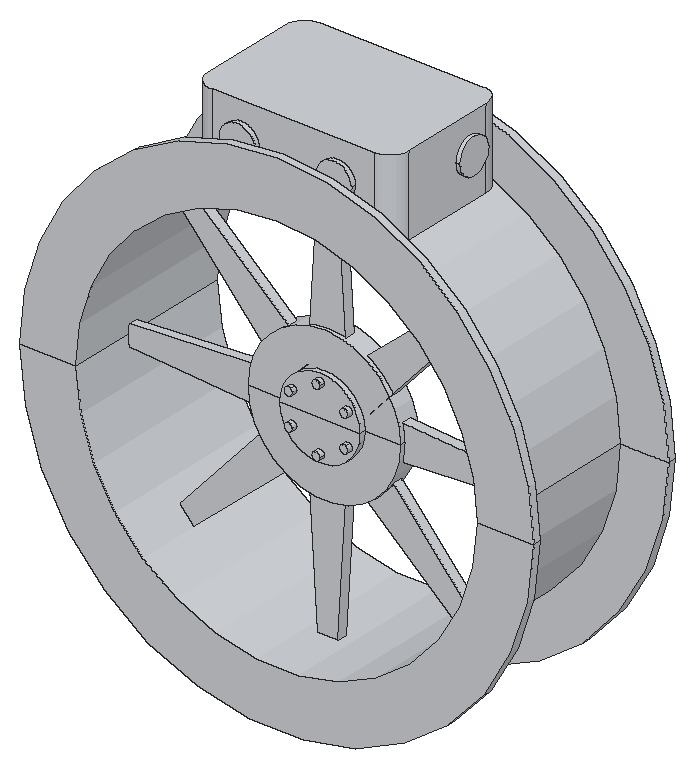
Revit family "CADS_Vent-Axia_MechEquip_Fan_ESC_3Ph2P - EXTRACT", category Mechanical Equipment, Revit 2020
Family settings
  Round Connector Dimension = Use Diameter
  Part Type = Normal
  OmniClass Number = 23.75.00.00
  OmniClass Title = Climate Control (HVAC)
  Work Plane-Based = No
  Always vertical = Yes
  Cut with Voids When Loaded = No
  Shared = No
  Room Calculation Point = No
Parameters (values of type "ESC25032")
  WorkingPressure = 0.0 Pa
  WarrantyStartDate [instance] = "1900-12-31T23:59:59"
  WarrantyPeriod = ""
  WarrantyIdentifier = "N/A"
  WarrantyGuarantorParts = "tech@vent-axia.com"
  WarrantyGuarantorLabor = "tech@vent-axia.com"
  WarrantyGuarantor = "Vent-Axia Limited"
  WarrantyEndDate [instance] = "1900-12-31T23:59:59"
  WarrantyContent = ""
  TemperatureRange = ""
  TagNumber [instance] = "N/A"
  SustainabilityPerformance = ""
  Status = "New"
  Size = ""
  Shape = ""
  ServiceLifeType = ""
  ServiceLifeDuration = ""
  SerialNumber [instance] = "N/A"
  ReplacementCost = ""
  RatedVoltage = 0 V
  RatedCurrent = 0 A
  Quantity = 1
  ProductionYear = ""
  PressureCurve = ""
  PowerFactor = ""
  PointOfContact = ""
  NumberOfPoles = 0
  NominalWidth = 250 mm
  NominalLength = 110 mm
  NominalHeight = 250 mm
  NominalFrequencyRange = ""
  NominalDiameter = 250 mm
  ModelReference = "SHORT CASED AXIAL FAN 250DIA 3PH 2 POLE"
  ModelNumber = "ESC25032"
  Material = ""
  ManufacturerE-Mail = "tech@vent-axia.com"
  ManufacturerAddress = "Fleming Way\nCrawley \nRH10 9YX"
  IsExtendedWarranty = no
  InsulationStandardClass = ""
  InstallationDate [instance] = "1900-12-31T23:59:59"
  IfcExportType [instance] = ""
  IfcExportAs = "IfcFanType"
  IP_Code = ""
  HasProtectiveEarth = no
  GrossWeight = 0.00 kg
  Grade = ""
  GlobalTradeItemNumber [instance] = "N/A"
  Fitting Type = "Ignore"
  Finish = ""
  Features = ""
  ExteriorInsulation = no
  ExpectedServiceLife = 0
  Exclusions = ""
  DurationUnit = "Year"
  Default Elevation = 0 mm
  Constituents = ""
  ConductorFunction = ""
  Color = ""
  CodePerformance = ""
  Category = ""
  CADS_Usage = 0
  CADS_Index = 0
  AssetType = "FIXED"
  AssetIdentifier [instance] = "N/A"
  AssemblyPlace = "UNKNOWN"
  ArticleNumber [instance] = "N/A"
  AirflowRateRange = 0.0 L/s
  Air Flow [instance] = 0.0 L/s
  AccessibilityPerformance = ""
Types (3, lengths in mm): name | NominalWidth | NominalLength | NominalHeight | NominalDiameter | ModelReference | ModelNumber
  ESC25032 | 250 | 110 | 250 | 250 | "SHORT CASED AXIAL FAN 250DIA 3PH 2 POLE" | "ESC25032"
  ESC31532 | 315 | 135 | 315 | 315 | "SHORT CASED AXIAL FAN 315DIA 3PH 2 POLE" | "ESC31532"
  ESC35532 | 355 | 135 | 355 | 355 | "SHORT CASED AXIAL FAN 355DIA 3PH 2 POLE" | "ESC35532"
Reference planes
  plane 1 "Center (Front/Back)": y = 0
  plane 2: z = 0
  plane 3 "Center (Left/Right)": x = 0
  plane 4: x = -125
  plane 5: x = 125
  plane 6 "F": y = -55
  plane 7 "B": y = 55
  plane 8: x = -160
  plane 9: y = 50
  plane 10: y = -50
  plane 11: x = -130
  plane 12: y = -15
  plane 13 "top": z = 125
  plane 14: z = -125
Forms (mm)
  Revolve 1, solid
    sketch origin (0, 0, 0) x (1, 0, 0) y (0, 1, 0)
      loop
        line (-160, -55) -> (-125, -55) -> (-125, 55) -> (-160, 55) -> (-160, 50) -> (-130, 50) -> (-130, -50) -> (-160, -50) -> (-160, -55)
      axis (0, 55) -> (0, -55)
    angle from 0 to 360
Dimensions and locks
  equal spacing: plane 4, plane 3 "Center (Left/Right)", plane 5
  equal spacing: plane 7 "B", plane 1 "Center (Front/Back)", plane 6 "F"
  "NominalLength": plane 7 "B" to plane 6 "F"
  "NominalDiameter": plane 4 to plane 5
  locked: plane 11 to plane 4 at 5
  locked: plane 8 to plane 11 at 30
  locked: plane 6 "F" to plane 10 at 5
  locked: plane 7 "B" to plane 9 at 5
  locked: plane 6 "F" to plane 12 at 40
  equal spacing: plane 13 "top", level, plane 14
  "NominalDiameter": plane 13 "top" to plane 14
  aligned and locked: level to plane 2
  aligned and locked: nested 1 to plane 12
  aligned and locked: plane 1 "Center (Front/Back)" to nested 16
  aligned and locked: plane 3 "Center (Left/Right)" to nested 16
Automatic sketch dimensions
  plane 6 "F" to Revolve 1 sketch curve = 0 mm
  Revolve 1 sketch curve to plane 8 = 0 mm  (x2)
  plane 10 to Revolve 1 sketch curve = 0 mm
  Revolve 1 sketch curve to plane 11 = 0 mm
  Revolve 1 sketch curve to plane 4 = 0 mm
  Revolve 1 sketch curve to plane 3 "Center (Left/Right)" = 0 mm
  plane 1 "Center (Front/Back)" to Revolve 1 sketch curve = 0 mm
  Revolve 1 sketch curve to plane 9 = 0 mm
  Revolve 1 sketch curve to plane 7 "B" = 0 mm
  plane 6 "F" to Revolve 1 sketch curve = 115 mm
Nested families
  nested 1: "Fan for ESC" at (0, -15, 0), ND <- "NominalDiameter", type "Fan for ESC"
    with hub 25 mm, ND 250 mm, BoltPCD 20 mm, Bolt Count 6, B_Diam 5 mm
  nested 2: "Bolts" at (17.321, -24.172, -10) x (-0.5, 0, -0.866) z (0, 1, 0), type "Bolts"
    with bd 5 mm
  nested 3: "Bolts" at (0, -24.172, -20) x (-1, 0, 0) z (0, 1, 0), type "Bolts"
    with bd 5 mm
  nested 4: "Bolts" at (-17.321, -24.172, -10) x (-0.5, 0, 0.866) z (0, 1, 0), type "Bolts"
    with bd 5 mm
  nested 5: "Bolts" at (-17.321, -24.172, 10) x (0.5, 0, 0.866) z (0, 1, 0), type "Bolts"
    with bd 5 mm
  nested 6: "Bolts" at (17.321, -24.172, 10) x (0.5, 0, -0.866) z (0, 1, 0), type "Bolts"
    with bd 5 mm
  nested 7: "Bolts" at (0, -24.172, 20) x (1, 0, 0) z (0, 1, 0), type "Bolts"
    with bd 5 mm
  nested 8: "ESC Blade" at (0, -15, 0), type "ESC Blade"
    with a 20.00°, HR 25 mm, HD 50 mm, BT 12.5 mm, BR 100 mm, BH 40 mm, BD 250 mm, BB 25 mm
  nested 9: "ESC Blade" at (0, -15, 0) x (0.7071, 0, -0.7071) z (0.7071, 0, 0.7071), type "ESC Blade"
    with a 20.00°, HR 25 mm, HD 50 mm, BT 12.5 mm, BR 100 mm, BH 40 mm, BD 250 mm, BB 25 mm
  nested 10: "ESC Blade" at (0, -15, 0) x (0, 0, -1) z (1, 0, 0), type "ESC Blade"
    with a 20.00°, HR 25 mm, HD 50 mm, BT 12.5 mm, BR 100 mm, BH 40 mm, BD 250 mm, BB 25 mm
  nested 11: "ESC Blade" at (0, -15, 0) x (-0.7071, 0, -0.7071) z (0.7071, 0, -0.7071), type "ESC Blade"
    with a 20.00°, HR 25 mm, HD 50 mm, BT 12.5 mm, BR 100 mm, BH 40 mm, BD 250 mm, BB 25 mm
  nested 12: "ESC Blade" at (0, -15, 0) x (-1, 0, 0) z (0, 0, -1), type "ESC Blade"
    with a 20.00°, HR 25 mm, HD 50 mm, BT 12.5 mm, BR 100 mm, BH 40 mm, BD 250 mm, BB 25 mm
  nested 13: "ESC Blade" at (0, -15, 0) x (-0.7071, 0, -0.7071) z (-0.7071, 0, 0.7071), type "ESC Blade"
    with a 20.00°, HR 25 mm, HD 50 mm, BT 12.5 mm, BR 100 mm, BH 40 mm, BD 250 mm, BB 25 mm
  nested 14: "ESC Blade" at (0, -15, 0) x (0, 0, -1) z (-1, 0, 0), type "ESC Blade"
    with a 20.00°, HR 25 mm, HD 50 mm, BT 12.5 mm, BR 100 mm, BH 40 mm, BD 250 mm, BB 25 mm
  nested 15: "ESC Blade" at (0, -15, 0) x (0.7071, 0, -0.7071) z (-0.7071, 0, -0.7071), type "ESC Blade"
    with a 20.00°, HR 25 mm, HD 50 mm, BT 12.5 mm, BR 100 mm, BH 40 mm, BD 250 mm, BB 25 mm
  nested 16: "Electrical Connection Box" at (0, 0, 125), type "125x84"
Connectors
  hvac at (0, -55, 0), driven by "NominalDiameter", driven by "Air Flow"
    settings: on Revolve 1, index 1, duct flow 0.0 L/s, flow factor 0, pres drop 0.0 Pa, loss coef 0, conn angle 0.00°, conn width 304.8 mm, conn height 304.8 mm, conn diameter 250 mm, duct sys type 2, conn prof type 0, flow config 1, flow direction 1, loss method 0, conn ref index -1, conn util no, is conn primary yes, conn desc ""
  hvac at (0, 55, 0), driven by "NominalDiameter", driven by "Air Flow"
    settings: on Revolve 1, index 2, duct flow 0.0 L/s, flow factor 0, pres drop 0.0 Pa, loss coef 0, conn angle 0.00°, conn width 304.8 mm, conn height 304.8 mm, conn diameter 250 mm, duct sys type 3, conn prof type 0, flow config 0, flow direction 2, loss method 0, conn ref index -1, conn util no, is conn primary no, conn desc ""
Definition of nested family "Fan for ESC"
  Parameters (values of type "Fan for ESC")
    hub [instance] = ND / 10  # 56.7 mm
    ND [instance] = 567 mm
    Model = "."
    Default Elevation = 0 mm
    BoltPCD [instance] = hub - (hub * 0.2)  # 45.36 mm
    Bolt Count [instance] = if(hub < 50 mm, 6, 8)  # 8
    B_Diam [instance] = if(hub < 50 mm, 5 mm, 10 mm)  # 10 mm
  Reference planes
    plane 1 "Center (Front/Back)": y = 0
    plane 2: z = 0
    plane 3 "Center (Left/Right)": x = 0
    plane 4 "back": y = 20
    plane 5 "bolts": y = -9.172
    plane 6 "B": z = 56.7
    plane 7: x = -79.287
    plane 8: x = -56.7
    plane 9 "hubface": y = -6.172
  Forms (mm)
    Revolve 1, solid
      sketch origin (0, 0, 0) x (1, 0, 0) y (0, 1, 0)
        loop
          line (0, 20) -> (-56.7, 20) -> (-56.7, 10.504) -> (-79.287, 10.504) -> (-79.287, -2.597) -> (-56.7, -2.597) -> (-56.7, -6.172) -> (0, -6.172) -> (0, 20)
        axis (0, 20) -> (0, -6.172)
      angle from 0 to 360
    Extrusion 2, solid, not visible
      sketch origin (0, -6.347, -4) x (-1, 0, 0) y (0, 0, 1)
        loop
          circle (0, 84) r 5
      from 0 to 3
  Lines and regions (mm)
    symbolic lines
      curve 1: circle (0, -9.172, 0) r 45.36 normal (0, 1, 0)
    model lines, not visible
      curve 2: line (0, -6.347, 85) -> (0, -6.347, 75)
  Dimensions and locks
    "hub": plane 6 "B" to plane 2
    "hub": nested 3 to plane 3 "Center (Left/Right)"
    "hub": nested 4 to plane 3 "Center (Left/Right)"
    "hub": nested 5 to plane 3 "Center (Left/Right)"
    "hub": plane 3 "Center (Left/Right)" to nested 6
    "hub": Revolve 1 sketch curve to Revolve 1 sketch curve
    "hub": plane 3 "Center (Left/Right)" to nested 7
    "hub": plane 3 "Center (Left/Right)" to nested 8
    "hub": plane 3 "Center (Left/Right)" to nested 9
    "hub": plane 8 to plane 3 "Center (Left/Right)"
    plane 7 to plane 8 = 22.587 mm
    diameter of Extrusion 2 sketch curve = 10 mm
    "BoltPCD": radius of curve 1
    "BoltPCD": radius of radial array
    aligned and locked: level to plane 2
    aligned and locked: plane 6 "B" to nested 1
  Automatic sketch dimensions
    Revolve 1 sketch curve to plane 7 = 0 mm
    Revolve 1 sketch curve to plane 8 = 0 mm  (x2)
    Revolve 1 sketch curve to plane 3 "Center (Left/Right)" = 0 mm
    Revolve 1 sketch curve to plane 9 "hubface" = 0 mm
    plane 4 "back" to Revolve 1 sketch curve = 0 mm
    plane 1 "Center (Front/Back)" to Revolve 1 sketch curve = 2.597 mm
    plane 4 "back" to Revolve 1 sketch curve = 9.496 mm
    Revolve 1 sketch curve to Revolve 1 sketch curve = 5 mm
    Revolve 1 sketch curve to plane 4 "back" = 45 mm
    curve 1 to level = 0 mm
    curve 1 to plane 3 "Center (Left/Right)" = 0 mm
  Nested families
    nested 1: "ESC Blade" at (0, 0, 0), BD <- "ND", HD <- "hub", type "ESC Blade"
      with a 20.00°, HR 56.7 mm, HD 113.4 mm, BT 28.35 mm, BR 226.8 mm, BH 40 mm, BD 567 mm, BB 56.7 mm
    nested 2: "ESC Blade" at (0, 0, 755), BD <- "ND", HD <- "hub", type "ESC Blade", not visible
      with a 20.00°, HR 56.7 mm, HD 113.4 mm, BT 28.35 mm, BR 226.8 mm, BH 40 mm, BD 567 mm, BB 56.7 mm
    nested 3: "ESC Blade" at (0, 0, 0) x (0.7071, 0, -0.7071) z (0.7071, 0, 0.7071), BD <- "ND", HD <- "hub", type "ESC Blade"
      with a 20.00°, HR 56.7 mm, HD 113.4 mm, BT 28.35 mm, BR 226.8 mm, BH 40 mm, BD 567 mm, BB 56.7 mm
    nested 4: "ESC Blade" at (0, 0, 0) x (0, 0, -1) z (1, 0, 0), BD <- "ND", HD <- "hub", type "ESC Blade"
      with a 20.00°, HR 56.7 mm, HD 113.4 mm, BT 28.35 mm, BR 226.8 mm, BH 40 mm, BD 567 mm, BB 56.7 mm
    nested 5: "ESC Blade" at (0, 0, 0) x (-0.7071, 0, -0.7071) z (0.7071, 0, -0.7071), BD <- "ND", HD <- "hub", type "ESC Blade"
      with a 20.00°, HR 56.7 mm, HD 113.4 mm, BT 28.35 mm, BR 226.8 mm, BH 40 mm, BD 567 mm, BB 56.7 mm
    nested 6: "ESC Blade" at (0, 0, 0) x (-1, 0, 0) z (0, 0, -1), BD <- "ND", HD <- "hub", type "ESC Blade"
      with a 20.00°, HR 56.7 mm, HD 113.4 mm, BT 28.35 mm, BR 226.8 mm, BH 40 mm, BD 567 mm, BB 56.7 mm
    nested 7: "ESC Blade" at (0, 0, 0) x (-0.7071, 0, -0.7071) z (-0.7071, 0, 0.7071), BD <- "ND", HD <- "hub", type "ESC Blade"
      with a 20.00°, HR 56.7 mm, HD 113.4 mm, BT 28.35 mm, BR 226.8 mm, BH 40 mm, BD 567 mm, BB 56.7 mm
    nested 8: "ESC Blade" at (0, 0, 0) x (0, 0, -1) z (-1, 0, 0), BD <- "ND", HD <- "hub", type "ESC Blade"
      with a 20.00°, HR 56.7 mm, HD 113.4 mm, BT 28.35 mm, BR 226.8 mm, BH 40 mm, BD 567 mm, BB 56.7 mm
    nested 9: "ESC Blade" at (0, 0, 0) x (0.7071, 0, -0.7071) z (-0.7071, 0, -0.7071), BD <- "ND", HD <- "hub", type "ESC Blade"
      with a 20.00°, HR 56.7 mm, HD 113.4 mm, BT 28.35 mm, BR 226.8 mm, BH 40 mm, BD 567 mm, BB 56.7 mm
    nested 10: "Bolts" at (0, -9.172, 45.36) x (1, 0, 0) z (0, 1, 0), bd <- "B_Diam", type "Bolts"
      with bd 10 mm
    nested 11: "Bolts" at (32.074, -9.172, 32.074) x (0.7071, 0, -0.7071) z (0, 1, 0), bd <- "B_Diam", type "Bolts"
      with bd 10 mm
    nested 12: "Bolts" at (-32.074, -9.172, 32.074) x (0.7071, 0, 0.7071) z (0, 1, 0), bd <- "B_Diam", type "Bolts"
      with bd 10 mm
    nested 13: "Bolts" at (-45.36, -9.172, 0) x (0, 0, 1) z (0, 1, 0), bd <- "B_Diam", type "Bolts"
      with bd 10 mm
    nested 14: "Bolts" at (-32.074, -9.172, -32.074) x (-0.7071, 0, 0.7071) z (0, 1, 0), bd <- "B_Diam", type "Bolts"
      with bd 10 mm
    nested 15: "Bolts" at (0, -9.172, -45.36) x (-1, 0, 0) z (0, 1, 0), bd <- "B_Diam", type "Bolts"
      with bd 10 mm
    nested 16: "Bolts" at (32.074, -9.172, -32.074) x (-0.7071, 0, -0.7071) z (0, 1, 0), bd <- "B_Diam", type "Bolts"
      with bd 10 mm
    nested 17: "Bolts" at (45.36, -9.172, 0) x (0, 0, -1) z (0, 1, 0), bd <- "B_Diam", type "Bolts"
      with bd 10 mm
  Definition of nested family "ESC Blade"
    Parameters (values of type "ESC Blade")
      a [instance] = 20.00°
      HR [instance] = HD / 2  # 30 mm
      HD [instance] = BD / 5  # 60 mm
      Default Elevation = 1219.2 mm
      BT [instance] = BD / 20  # 15 mm
      BR [instance] = (BD / 2) - HR  # 120 mm
      BH [instance] = 40 mm
      BD [instance] = 300 mm
      BB [instance] = BD / 10  # 30 mm
    Reference planes
      plane 1 "Center (Front/Back)": y = 0
      plane 2: z = 0
      plane 3 "Center (Left/Right)": x = 0
      plane 4 "Blade Bot": z = 30
      plane 5: x = -15
      plane 6: x = 15
      plane 7: x = -7.5
      plane 8: x = 7.5
    Forms (mm)
      Blend 1, solid
        base sketch origin (0, 0, 30) x (-1, 0, 0) y (0, -1, 0)
          loop
            line (15, 0) -> (-15, 0) -> (-15, -6) -> (15, -6) -> (15, 0)
        top sketch origin (0, 0, 30) x (-1, 0, 0) y (0, -1, 0)
          loop
            line (7.5, -6) -> (7.5, 0) -> (-7.5, 0) -> (-7.5, -6) -> (7.5, -6)
        from 0 to 120 <- "BR"
    Dimensions and locks
      "HR": plane 4 "Blade Bot" to level
      equal spacing: plane 8, plane 3 "Center (Left/Right)", plane 7
      "BT": plane 8 to plane 7
      equal spacing: plane 6, plane 3 "Center (Left/Right)", plane 5
      "BB": plane 6 to plane 5
      aligned and locked: level to plane 2
    Automatic sketch dimensions
      plane 1 "Center (Front/Back)" to Blend 1 sketch curve = 0 mm  (x2)
      Blend 1 sketch curve to plane 6 = 0 mm
      Blend 1 sketch curve to plane 5 = 0 mm
      Blend 1 sketch curve to plane 1 "Center (Front/Back)" = 6 mm  (x2)
      Blend 1 sketch curve to plane 8 = 0 mm
      Blend 1 sketch curve to plane 7 = 0 mm
  Definition of nested family "Bolts"
    Parameters
      bd [instance] = 10 mm
      Default Elevation = 1219.2 mm
    Reference planes
      plane 1 "Center (Front/Back)": y = 0
      plane 2: z = 0
      plane 3 "Center (Left/Right)": x = 0
    Forms (mm)
      Extrusion 1, solid
        sketch origin (0, 0, 0) x (1, 0, 0) y (0, 1, 0)
          loop
            line (-1219.2, 1219.2) -> (-1219.2, -1219.2) -> (1219.2, -1219.2) -> (1219.2, 1219.2) -> (-1219.2, 1219.2)
        from 0 to -304.8
      Extrusion 2, solid
        sketch origin (0, 0, 0) x (1, 0, 0) y (0, 1, 0)
          loop
            circle (0, 0) r 5
        from 0 to 3
    Dimensions and locks
      "bd": diameter of Extrusion 2 sketch curve
      aligned and locked: plane 2 to Extrusion 1
      aligned and locked: level to Extrusion 1
    Automatic sketch dimensions
      Extrusion 1 sketch curve to Extrusion 1 sketch curve = 2438.4 mm  (x2)
      plane 1 "Center (Front/Back)" to Extrusion 2 sketch curve = 0 mm
      Extrusion 2 sketch curve to plane 3 "Center (Left/Right)" = 0 mm
Definition of nested family "Bolts"
  Parameters
    bd [instance] = 10 mm
    Default Elevation = 1219.2 mm
  Reference planes
    plane 1 "Center (Front/Back)": y = 0
    plane 2: z = 0
    plane 3 "Center (Left/Right)": x = 0
  Forms (mm)
    Extrusion 1, solid
      sketch origin (0, 0, 0) x (1, 0, 0) y (0, 1, 0)
        loop
          line (-1219.2, 1219.2) -> (-1219.2, -1219.2) -> (1219.2, -1219.2) -> (1219.2, 1219.2) -> (-1219.2, 1219.2)
      from 0 to -304.8
    Extrusion 2, solid
      sketch origin (0, 0, 0) x (1, 0, 0) y (0, 1, 0)
        loop
          circle (0, 0) r 5
      from 0 to 3
  Dimensions and locks
    "bd": diameter of Extrusion 2 sketch curve
    aligned and locked: plane 2 to Extrusion 1
    aligned and locked: level to Extrusion 1
  Automatic sketch dimensions
    Extrusion 1 sketch curve to Extrusion 1 sketch curve = 2438.4 mm  (x2)
    plane 1 "Center (Front/Back)" to Extrusion 2 sketch curve = 0 mm
    Extrusion 2 sketch curve to plane 3 "Center (Left/Right)" = 0 mm
Definition of nested family "ESC Blade"
  Parameters (values of type "ESC Blade")
    a [instance] = 20.00°
    HR [instance] = HD / 2  # 30 mm
    HD [instance] = BD / 5  # 60 mm
    Default Elevation = 1219.2 mm
    BT [instance] = BD / 20  # 15 mm
    BR [instance] = (BD / 2) - HR  # 120 mm
    BH [instance] = 40 mm
    BD [instance] = 300 mm
    BB [instance] = BD / 10  # 30 mm
  Reference planes
    plane 1 "Center (Front/Back)": y = 0
    plane 2: z = 0
    plane 3 "Center (Left/Right)": x = 0
    plane 4 "Blade Bot": z = 30
    plane 5: x = -15
    plane 6: x = 15
    plane 7: x = -7.5
    plane 8: x = 7.5
  Forms (mm)
    Blend 1, solid
      base sketch origin (0, 0, 30) x (-1, 0, 0) y (0, -1, 0)
        loop
          line (15, 0) -> (-15, 0) -> (-15, -6) -> (15, -6) -> (15, 0)
      top sketch origin (0, 0, 30) x (-1, 0, 0) y (0, -1, 0)
        loop
          line (7.5, -6) -> (7.5, 0) -> (-7.5, 0) -> (-7.5, -6) -> (7.5, -6)
      from 0 to 120 <- "BR"
  Dimensions and locks
    "HR": plane 4 "Blade Bot" to level
    equal spacing: plane 8, plane 3 "Center (Left/Right)", plane 7
    "BT": plane 8 to plane 7
    equal spacing: plane 6, plane 3 "Center (Left/Right)", plane 5
    "BB": plane 6 to plane 5
    aligned and locked: level to plane 2
  Automatic sketch dimensions
    plane 1 "Center (Front/Back)" to Blend 1 sketch curve = 0 mm  (x2)
    Blend 1 sketch curve to plane 6 = 0 mm
    Blend 1 sketch curve to plane 5 = 0 mm
    Blend 1 sketch curve to plane 1 "Center (Front/Back)" = 6 mm  (x2)
    Blend 1 sketch curve to plane 8 = 0 mm
    Blend 1 sketch curve to plane 7 = 0 mm
Definition of nested family "Electrical Connection Box"
  Parameters (values of type "125x84")
    w = 125 mm
    vis grommets = yes
    h = 50 mm
    d = 84 mm
    Default Elevation = 1219.2 mm
  Types (4, lengths in mm): name | w | vis grommets | h | d
    125x84 | 125 | yes | 50 | 84
    165x135 | 165 | no | 50 | 135
    Electrical Connection Box 2 | 165 | no | 0 | 135
    Electrical Connection Box | 125 | no | 0 | 84
  Reference planes
    plane 1 "Center (Front/Back)": y = 0
    plane 2: z = 0
    plane 3 "Center (Left/Right)": x = 0
    plane 4: y = 42
    plane 5: x = 62.5
    plane 6: x = -62.5
    plane 7: y = -42
  Forms (mm)
    Extrusion 1, solid
      sketch origin (0, 0, 0) x (1, 0, 0) y (0, 1, 0)
        loop
          line (-1219.2, 1219.2) -> (-1219.2, -1219.2) -> (1219.2, -1219.2) -> (1219.2, 1219.2) -> (-1219.2, 1219.2)
      from 0 to -304.8
    Extrusion 2, solid
      sketch origin (-62.5, -42, 0) x (1, 0, 0) y (0, 1, 0)
        loop
          arc (12, 84) -> (3.515, 80.485) -> (0, 72) r 12
          line (0, 72) -> (0, 12)
          arc (0, 12) -> (3.515, 3.515) -> (12, 0) r 12
          line (12, 0) -> (113, 0)
          arc (113, 0) -> (121.485, 3.515) -> (125, 12) r 12
          line (125, 12) -> (125, 72)
          arc (125, 72) -> (121.485, 80.485) -> (113, 84) r 12
          line (113, 84) -> (12, 84)
      from 0 to 50 <- "h"
    Extrusion 3, solid, visible <- "vis grommets"
      sketch origin (62.5, 43.228, -0.59) x (0, -1, 0) y (0, 0, -1)
        loop
          circle (26.228, -28.09) r 11
      from 0 to 3
    Extrusion 4, solid, visible <- "vis grommets"
      sketch origin (204.495, -42, 22.909) x (-1, 0, 0) y (0, 0, -1)
        loop
          circle (176.995, -4.591) r 11
      from 0 to 3
    Extrusion 5, solid, visible <- "vis grommets"
      sketch origin (144.495, -42, 22.909) x (-1, 0, 0) y (0, 0, -1)
        loop
          circle (176.995, -4.591) r 11
      from 0 to 3
  Dimensions and locks
    "w": plane 6 to plane 5
    equal spacing: plane 6, plane 3 "Center (Left/Right)", plane 5
    "d": plane 4 to plane 7
    equal spacing: plane 4, plane 1 "Center (Front/Back)", plane 7
    aligned and locked: plane 2 to Extrusion 1
    aligned and locked: level to Extrusion 1
  Automatic sketch dimensions
    Extrusion 1 sketch curve to Extrusion 1 sketch curve = 2438.4 mm  (x2)
    Extrusion 2 sketch curve to plane 6 = 0 mm
    plane 7 to Extrusion 2 sketch curve = 0 mm
    Extrusion 2 sketch curve to plane 4 = 0 mm
    Extrusion 2 sketch curve to plane 5 = 0 mm
    Extrusion 2 sketch curve to plane 6 = 12 mm
    Extrusion 2 sketch curve to plane 4 = 12 mm  (x2)
    Extrusion 2 sketch curve to plane 5 = 12 mm
    Extrusion 3 sketch curve to Extrusion 2 = 13 mm
    Extrusion 2 to Extrusion 3 sketch curve = 22.5 mm
    Extrusion 4 sketch curve to Extrusion 2 = 23 mm
    Extrusion 2 to Extrusion 4 sketch curve = 22.5 mm
    Extrusion 2 to Extrusion 5 sketch curve = 18 mm
    Extrusion 2 to Extrusion 5 sketch curve = 22.5 mm
    radius of Extrusion 3 sketch curve = 11 mm
    radius of Extrusion 4 sketch curve = 11 mm
    radius of Extrusion 5 sketch curve = 11 mm
